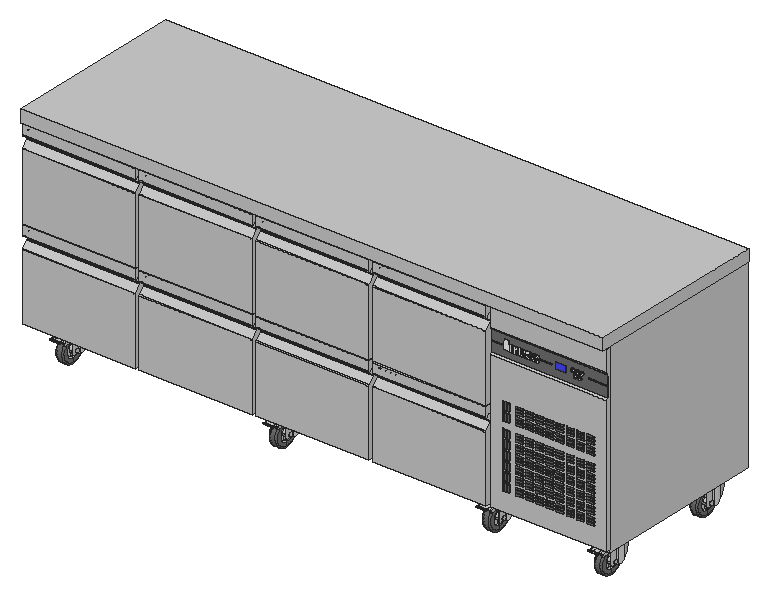
Revit family "QF_INOMAK_PNRP9999_250513010757", category Specialty Equipment, Revit 2021 (continued)
Definition of nested family "QF_INOMAK_REF_COUNTERS_DOORS_DRAWERS_35390"
  Definition of nested family "4_Drawers_1-4"
    Automatic sketch dimensions
      curve 23 to plane 5 "Front" = 0 mm
      curve 24 to plane 5 "Front" = 0 mm
      curve 21 to plane 5 "Front" = 105 mm
      curve 20 to curve 21 = 40 mm
      curve 3 to curve 20 = 100 mm
      curve 3 to curve 3 = 40 mm
      curve 10 to curve 1 = 100 mm
      curve 9 to curve 9 = 40 mm
      curve 15 to curve 8 = 100 mm
      curve 15 to curve 15 = 40 mm
      plane 11 "Right panel" to curve 24 = 30 mm
      curve 8 to curve 17 = 30 mm
      curve 11 to curve 17 = 0 mm
      curve 23 to plane 10 "Left panel" = 30 mm
      curve 12 to curve 6 = 0 mm
      curve 18 to curve 12 = 0 mm
      Extrusion 4 sketch curve to Extrusion 4 sketch curve = 0 mm  (x2)
      plane 19 to Extrusion 4 sketch curve = 0 mm
      Extrusion 4 sketch curve to plane 7 "Front legs" = 0 mm  (x2)
      plane 7 "Front legs" to Extrusion 4 sketch curve = 3 mm
      plane 7 "Front legs" to Extrusion 4 sketch curve = 3.461 mm
      plane 7 "Front legs" to Extrusion 4 sketch curve = 10 mm
      Extrusion 4 sketch curve to Extrusion 4 sketch curve = 7 mm
      plane 7 "Front legs" to Extrusion 4 sketch curve = 20 mm  (x2)
      Extrusion 4 sketch curve to Extrusion 4 sketch curve = 46.156 mm
      Extrusion 4 sketch curve to Extrusion 4 sketch curve = 15 mm
      Extrusion 4 sketch curve to Extrusion 4 sketch curve = 5.012 mm
      Extrusion 7 sketch curve to plane 10 "Left panel" = 0 mm
      Extrusion 7 sketch curve to plane 11 "Right panel" = 0 mm
      Extrusion 7 sketch curve to plane 7 "Front legs" = 0 mm
      Extrusion 7 sketch curve to plane 5 "Front" = 565 mm
      Extrusion 8 sketch curve to plane 10 "Left panel" = 0 mm
      Extrusion 8 sketch curve to plane 11 "Right panel" = 0 mm
      Extrusion 8 sketch curve to plane 7 "Front legs" = 0 mm
      Extrusion 8 sketch curve to plane 5 "Front" = 565 mm
      curve 6 to plane 10 "Left panel" = 30 mm
      curve 5 to curve 24 = 0 mm
  Definition of nested family "Hinged_Doors"
    Parameters (values of type "Hinged doors")
      URL = "www.specifiglobal.com"
      Top inset [instance] = 4 mm
      Right panel thickness [instance] = 35 mm
      Rear inset [instance] = 10 mm
      Plinth height [instance] = 150 mm
      Model = ""
      Manufacturer = "DEMO CONSULTANT"
      Length Actual [instance] = 1200 mm
      Left panel thickness [instance] = 35 mm
      Hinged doors [instance] = Doors drawers type = 3  # yes
      Height Actual [instance] = 900 mm
      Front inset [instance] = 10 mm
      Finish [instance] = none
      Doors drawers type [instance] = 3
      Description = ""
      Depth Actual [instance] = 700 mm
      Default Elevation = 0 mm
      Bottom inset [instance] = 4 mm
      Assembly Code = "E1090320"
    Reference planes
      plane 1 "Back": y = 0
      plane 2: z = 0
      plane 3 "Left": x = 0
      plane 4 "Right": x = 1200
      plane 5 "Front": y = -700
      plane 6 "Top": z = 1050
      plane 7 "Front legs": y = -690
      plane 8 "Legs top": z = 150
      plane 9 "Backsplash thickness": y = -10
      plane 10: x = 35
      plane 11: x = 1165
      plane 12 "Center Left-Right": x = 600
      plane 13: x = 597.5
      plane 14: x = 602.5
      plane 15: z = 154
      plane 16: z = 1046
    Forms (mm)
      Extrusion 1, solid, material <- "Finish", visible <- "Hinged doors"
        sketch origin (35, -2307.849, 4000) x (0, -1, 0) y (0, 0, 1)
          loop
            line (-1627.849, -2954) -> (-1637.849, -2954) -> (-1637.849, -3846) -> (-1617.849, -3846) -> (-1617.849, -3010.156)
            arc (-1617.849, -3010.156) -> (-1618.734, -3004.272) -> (-1621.31, -2998.91) r 20
            line (-1621.31, -2998.91) -> (-1634.849, -2979) -> (-1634.849, -2957) -> (-1627.849, -2957)
            arc (-1627.849, -2957) -> (-1622.899, -2959.05) -> (-1620.849, -2964) r 7
            line (-1620.849, -2964) -> (-1620.849, -2969.012) -> (-1617.849, -2969.012) -> (-1617.849, -2964)
            arc (-1617.849, -2964) -> (-1620.778, -2956.929) -> (-1627.849, -2954) r 10
        from 0 to -562.5
      Extrusion 2, solid, visible <- "Hinged doors", detail levels coarse
        sketch origin (0, -700, 154) x (-1, 0, 0) y (0, 1, 0)
          loop
            line (-35, 10) -> (-597.5, 10)
            arc (-597.5, 10) -> (-432.748, -387.748) -> (-35, -552.5) r 562.5
            line (-35, -552.5) -> (-35, 10)
        from 0 to -892
      Extrusion 3, solid, material <- "Finish", visible <- "Hinged doors"
        sketch origin (1165, -2312.576, 4000) x (0, -1, 0) y (0, 0, 1)
          loop
            line (-1632.576, -2954) -> (-1642.576, -2954) -> (-1642.576, -3846) -> (-1622.576, -3846) -> (-1622.576, -3010.156)
            arc (-1622.576, -3010.156) -> (-1623.46, -3004.272) -> (-1626.037, -2998.91) r 20
            line (-1626.037, -2998.91) -> (-1639.576, -2979) -> (-1639.576, -2957) -> (-1632.576, -2957)
            arc (-1632.576, -2957) -> (-1627.626, -2959.05) -> (-1625.576, -2964) r 7
            line (-1625.576, -2964) -> (-1625.576, -2969.012) -> (-1622.576, -2969.012) -> (-1622.576, -2964)
            arc (-1622.576, -2964) -> (-1625.504, -2956.929) -> (-1632.576, -2954) r 10
        from 0 to 562.5
      Extrusion 4, solid, visible <- "Hinged doors", detail levels coarse
        sketch origin (0, -700, 154) x (-1, 0, 0) y (0, 1, 0)
          loop
            line (-1165, 10) -> (-1165, -552.5)
            arc (-1165, -552.5) -> (-767.252, -387.748) -> (-602.5, 10) r 562.5
            line (-602.5, 10) -> (-1165, 10)
        from 0 to -892
    Lines and regions (mm)
      symbolic lines, visible <- "Hinged doors"
        curve 1: line (35, -700, 150) -> (35, -1252.5, 150)
        curve 2: arc (35, -1252.5, 150) -> (429.196, -1091.268, 150) -> (597.411, -700, 150) r 562.5
        curve 3: arc (602.589, -700, 150) -> (770.804, -1091.268, 150) -> (1165, -1252.5, 150) r 562.5
        curve 4: line (1165, -1252.5, 150) -> (1165, -700, 150)
    Dimensions and locks
      "Length Actual": plane 3 "Left" to plane 4 "Right"
      "Depth Actual": plane 5 "Front" to plane 1 "Back"
      "Height Actual": plane 6 "Top" to plane 8 "Legs top"
      "Front inset": plane 7 "Front legs" to plane 5 "Front"
      "Plinth height": plane 8 "Legs top" to plane 2
      "Rear inset": plane 9 "Backsplash thickness" to plane 1 "Back"
      "Right panel thickness": plane 11 to plane 4 "Right"
      "Left panel thickness": plane 3 "Left" to plane 10
      equal spacing: plane 10, plane 12 "Center Left-Right", plane 11
      plane 13 to plane 12 "Center Left-Right" = 2.5 mm
      plane 12 "Center Left-Right" to plane 14 = 2.5 mm
      "Bottom inset": plane 15 to plane 8 "Legs top"
      "Top inset": plane 16 to plane 6 "Top"
      aligned and locked: level to plane 2
      aligned and locked: Extrusion 1 to plane 13
      aligned and locked: plane 10 to Extrusion 2 sketch curve
      aligned and locked: plane 13 to Extrusion 2 sketch curve
      aligned and locked: plane 7 "Front legs" to Extrusion 2 sketch curve  (x2)
      aligned and locked: plane 14 to Extrusion 3
      aligned and locked: Extrusion 2 to curve 1
      aligned and locked: curve 2 to Extrusion 2
      aligned and locked: curve 3 to Extrusion 4
      aligned and locked: curve 4 to Extrusion 4
      aligned and locked: plane 5 "Front" to curve 1
      aligned and locked: plane 5 "Front" to curve 2
      aligned and locked: plane 5 "Front" to curve 3
      aligned and locked: plane 5 "Front" to curve 4
      aligned and locked: Extrusion 4 to plane 16
      aligned and locked: Extrusion 2 to plane 16
      aligned and locked: Extrusion 1 sketch curve to plane 16
      aligned and locked: Extrusion 1 sketch curve to plane 15
      aligned and locked: Extrusion 3 sketch curve to plane 15
      aligned and locked: Extrusion 3 sketch curve to plane 16
    Automatic sketch dimensions
      Extrusion 1 sketch curve to Extrusion 1 sketch curve = 0 mm  (x2)
      Extrusion 1 sketch curve to plane 7 "Front legs" = 0 mm  (x2)
      plane 7 "Front legs" to Extrusion 1 sketch curve = 3 mm
      plane 7 "Front legs" to Extrusion 1 sketch curve = 3.461 mm
      plane 7 "Front legs" to Extrusion 1 sketch curve = 10 mm
      Extrusion 1 sketch curve to Extrusion 1 sketch curve = 7 mm
      plane 7 "Front legs" to Extrusion 1 sketch curve = 20 mm  (x2)
      Extrusion 1 sketch curve to Extrusion 1 sketch curve = 46.156 mm
      Extrusion 1 sketch curve to Extrusion 1 sketch curve = 15 mm
      Extrusion 1 sketch curve to Extrusion 1 sketch curve = 5.012 mm
      Extrusion 3 sketch curve to Extrusion 3 sketch curve = 0 mm  (x2)
      Extrusion 3 sketch curve to plane 7 "Front legs" = 0 mm  (x2)
      Extrusion 3 sketch curve to Extrusion 3 sketch curve = 3 mm
      plane 7 "Front legs" to Extrusion 3 sketch curve = 3.461 mm
      plane 7 "Front legs" to Extrusion 3 sketch curve = 10 mm
      Extrusion 3 sketch curve to Extrusion 3 sketch curve = 7 mm
      Extrusion 3 sketch curve to Extrusion 3 sketch curve = 16.539 mm
      Extrusion 3 sketch curve to Extrusion 3 sketch curve = 20 mm
      Extrusion 3 sketch curve to Extrusion 3 sketch curve = 46.156 mm
      Extrusion 3 sketch curve to Extrusion 3 sketch curve = 15 mm
      Extrusion 3 sketch curve to Extrusion 3 sketch curve = 5.012 mm
      Extrusion 4 sketch curve to plane 11 = 0 mm
      Extrusion 4 sketch curve to plane 7 "Front legs" = 0 mm
      Extrusion 4 sketch curve to plane 14 = 0 mm
  Definition of nested family "Hopper"
    Parameters (values of type "Hopper")
      URL = "www.specifiglobal.com"
      Top inset [instance] = 4 mm
      Right panel thickness [instance] = 35 mm
      Rear inset [instance] = 10 mm
      Plinth height [instance] = 150 mm
      Model = ""
      Manufacturer = "DEMO CONSULTANT"
      Length Actual [instance] = 700 mm
      Left panel thickness [instance] = 35 mm
      Hopper [instance] = Doors drawers type = 10  # yes
      Height Actual [instance] = 900 mm
      Front inset [instance] = 10 mm
      Finish [instance] = none
      Doors drawers type [instance] = 10
      Description = ""
      Depth Actual [instance] = 700 mm
      Default Elevation = 0 mm
      Bottom inset [instance] = 4 mm
      Assembly Code = "E1090320"
      2 Drawers = yes
    Reference planes
      plane 1 "Back": y = 0
      plane 2: z = 0
      plane 3 "Left": x = 0
      plane 4 "Right": x = 700
      plane 5 "Front": y = -700
      plane 6 "Top": z = 1050
      plane 7 "Front legs": y = -690
      plane 8 "Legs top": z = 150
      plane 9 "Backsplash thickness": y = -10
      plane 10 "Left panel": x = 35
      plane 11 "Right panel": x = 665
      plane 12: z = 1046
      plane 13: z = 154
    Forms (mm)
      Extrusion 1, solid, material <- "Finish", visible <- "Hopper"
        sketch origin (35, 0, 0) x (0, -1, 0) y (0, 0, 1)
          loop
            line (690, 154) -> (690, 960.365)
            arc (690, 960.365) -> (689.866, 961.037) -> (689.485, 961.607) r 1.757
            line (689.485, 961.607) -> (666.663, 984.429)
            arc (666.663, 984.429) -> (665.976, 985.458) -> (665.734, 986.672) r 3.172
            line (665.734, 986.672) -> (665.734, 1013.576)
            arc (665.734, 1013.576) -> (666.433, 1015.262) -> (668.119, 1015.961) r 2.385
            line (668.119, 1015.961) -> (680.029, 1015.961) -> (686.544, 1006.657)
            arc (686.544, 1006.657) -> (688.671, 1005.935) -> (690, 1007.747) r 1.9
            line (690, 1007.747) -> (690, 1046) -> (648, 1046) -> (648, 154) -> (690, 154)
        from 0 to -630
      Extrusion 2, solid, visible <- "Hopper", detail levels coarse
        sketch origin (35, 0, 0) x (0, -1, 0) y (0, 0, 1)
          loop
            line (690, 154) -> (1265, 154) -> (1265, 1046) -> (690, 1046) -> (690, 154)
        from 0 to -630
    Lines and regions (mm)
      symbolic lines, visible <- "Hopper"
        curve 1: line (35, -1225, 900) -> (35, -1265, 900)
        curve 2: line (35, -1265, 900) -> (665, -1265, 900)
        curve 3: line (665, -1265, 900) -> (665, -1225, 900)
        curve 4: line (665, -1225, 900) -> (35, -1225, 900)
        curve 5: line (635, -1225, 900) -> (635, -700, 900)
        curve 6: line (65, -1225, 900) -> (65, -700, 900)
    Dimensions and locks
      "Length Actual": plane 3 "Left" to plane 4 "Right"
      "Depth Actual": plane 5 "Front" to plane 1 "Back"
      "Height Actual": plane 6 "Top" to plane 8 "Legs top"
      "Front inset": plane 7 "Front legs" to plane 5 "Front"
      "Plinth height": plane 8 "Legs top" to plane 2
      "Rear inset": plane 9 "Backsplash thickness" to plane 1 "Back"
      "Right panel thickness": plane 11 "Right panel" to plane 4 "Right"
      "Left panel thickness": plane 3 "Left" to plane 10 "Left panel"
      "Top inset": plane 12 to plane 6 "Top"
      "Bottom inset": plane 13 to plane 8 "Legs top"
      aligned and locked: level to plane 2
      aligned and locked: Extrusion 1 to plane 11 "Right panel"
      aligned and locked: Extrusion 2 to plane 11 "Right panel"
      aligned and locked: plane 10 "Left panel" to Extrusion 2
      aligned and locked: Extrusion 1 sketch curve to plane 12
      aligned and locked: Extrusion 1 sketch curve to Extrusion 2
      aligned and locked: Extrusion 1 sketch curve to plane 13
    Automatic sketch dimensions
      Extrusion 1 sketch curve to Extrusion 1 sketch curve = 17.734 mm
      Extrusion 1 sketch curve to Extrusion 1 sketch curve = 0.929 mm
      Extrusion 1 sketch curve to Extrusion 1 sketch curve = 2.385 mm
      Extrusion 1 sketch curve to Extrusion 1 sketch curve = 3.172 mm
      Extrusion 1 sketch curve to Extrusion 1 sketch curve = 11.91 mm
      Extrusion 1 sketch curve to Extrusion 1 sketch curve = 6.515 mm
      Extrusion 1 sketch curve to Extrusion 1 sketch curve = 1.556 mm
      Extrusion 1 sketch curve to Extrusion 1 sketch curve = 21.58 mm
      Extrusion 1 sketch curve to Extrusion 1 sketch curve = 1.242 mm
      Extrusion 1 sketch curve to Extrusion 1 sketch curve = 1.9 mm
      Extrusion 1 sketch curve to Extrusion 1 sketch curve = 0.515 mm
      Extrusion 1 sketch curve to Extrusion 1 sketch curve = 22.822 mm
      Extrusion 1 sketch curve to Extrusion 1 sketch curve = 19.985 mm
      Extrusion 1 sketch curve to Extrusion 1 sketch curve = 6.919 mm
      Extrusion 1 sketch curve to Extrusion 1 sketch curve = 30.039 mm
      Extrusion 2 sketch curve to plane 7 "Front legs" = 0 mm
      plane 13 to Extrusion 2 sketch curve = 0 mm
      plane 12 to Extrusion 2 sketch curve = 0 mm
      Extrusion 2 sketch curve to plane 5 "Front" = 565 mm
      curve 1 to plane 10 "Left panel" = 0 mm
      curve 2 to plane 11 "Right panel" = 0 mm
      curve 6 to plane 5 "Front" = 0 mm
      curve 5 to plane 5 "Front" = 0 mm
      curve 4 to plane 5 "Front" = 525 mm
      curve 3 to curve 3 = 40 mm
      plane 11 "Right panel" to curve 5 = 30 mm
      curve 6 to plane 10 "Left panel" = 30 mm
Definition of nested family "QF_INOMAK_REF_COUNTERS_WORKTOPS_44861"
  Parameters (values of type "WTWA-1545-700")
    Worktop without backsplash [instance] = Worktop type = 3  # no
    Worktop with backsplash [instance] = Worktop type = 2  # yes
    Worktop type [instance] = 2
    Worktop thickness [instance] = 46 mm
    Without worktop [instance] = or(Worktop type > 3, Worktop type < 2)  # no
    Weight [instance] = 0.00 kg
    Warranty Start Date [instance] = ""
    Warranty Duration [instance] = ""
    URL Cutsheet [instance] = ""
    URL = "www.inomak.com"
    Technical Documentation [instance] = ""
    Tag Number [instance] = ""
    Status [instance] = ""
    Specification by User [instance] = ""
    Specification by Manufacturer [instance] = ""
    Sound Level [instance] = ""
    Solid Fuel Type [instance] = ""
    Show Logo [instance] = yes
    Show Clearances [instance] = yes
    Service Life Duration [instance] = ""
    Serial Number [instance] = ""
    Seismic Rating [instance] = ""
    SMACNA No [instance] = ""
    Revision Code [instance] = ""
    Revision [instance] = ""
    Production Year [instance] = ""
    Point Load [instance] = 0
    Other Equipment Approvals [instance] = ""
    NAFEM Spec ID Number [instance] = ""
    Model Warning [instance] = ""
    Model = "WTWA"
    Masterspec [instance] = ""
    Manufacturer = "INOMAK"
    Length Actual [instance] = 1546 mm
    Item Number [instance] = ""
    Installed By [instance] = ""
    Installation Date [instance] = ""
    Identify Quantity as Lot [instance] = yes
    ID [instance] = ""
    Hygiene Approval [instance] = ""
    Height Actual [instance] = 0 mm
    Height AFF [instance] = 0 mm
    Furnished By [instance] = ""
    Foodservice Equipment Identifier [instance] = yes
    Finish [instance] = none
    ETL Approved [instance] = yes
    Description = "WORKTOP WITH UPSTAND"
    Depth Actual [instance] = 700 mm
    Default Elevation = 0 mm
    CSI MasterFormat [instance] = ""
    CE Approved [instance] = yes
    Barcode [instance] = ""
    Backsplash thickness [instance] = 20 mm
    Backsplash height [instance] = 60 mm
    Author [instance] = ""
    Asset Identifier [instance] = ""
    Assembly Code = "E1090320"
    Accessory [instance] = yes
  Types (40, lengths in mm): name | Worktop without backsplash | Worktop with backsplash | Worktop type | Worktop thickness | Without worktop | Model | Length Actual | Description | Depth Actual
    WTWT-2240-700 | yes | no | 3 | 46 | no | "WTWT" | 2242 | "STANDARD WORKTOP" | 700
    WTWA-2240-700 | no | yes | 2 | 46 | no | "WTWA" | 2242 | "WORKTOP WITH UPSTAND" | 700
    WOWT-2240-700 | no | no | 1 | 46 | yes | "WOWT" | 2242 | "WITHOUT WORKTOP" | 700
    WTWA-1790-700 | no | yes | 2 | 46 | no | "WTWA" | 1792 | "WORKTOP WITH UPSTAND" | 700
    WTWA-1345-700 | no | yes | 2 | 46 | no | "WTWA" | 1342 | "WORKTOP WITH UPSTAND" | 700
    WOWT-1790-700 | no | no | 1 | 46 | yes | "WOWT" | 1792 | "WITHOUT WORKTOP" | 700
    WOWT-1345-700 | no | no | 1 | 46 | yes | "WOWT" | 1342 | "WITHOUT WORKTOP" | 700
    WTWT-1790-700 | yes | no | 3 | 46 | no | "WTWT" | 1792 | "STANDARD WORKTOP" | 700
    WTWT-1345-700 | yes | no | 3 | 46 | no | "WTWT" | 1342 | "STANDARD WORKTOP" | 700
    WTWA-1080-700 | no | yes | 2 | 46 | no | "WTWA" | 1080 | "WORKTOP WITH UPSTAND" | 700
    WTWT-1080-700 | yes | no | 3 | 46 | no | "WTWT" | 1080 | "STANDARD WORKTOP" | 700
    WTWA-1080-700-80 | no | yes | 2 | 80 | no | "WTWA-80" | 1080 | "WORKTOP WITH UPSTAND, 80CM DEEP WORKTOP" | 700
    WTWT-1080-700-80 | yes | no | 3 | 80 | no | "WTWT-80" | 1080 | "WORKTOP WITH 80CM DEEP" | 700
    WOWT-1345-600 | no | no | 1 | 46 | yes | "WOWT" | 1342 | "WITHOUT WORKTOP" | 600
    WOWT-1790-600 | no | no | 1 | 46 | yes | "WOWT" | 1792 | "WITHOUT WORKTOP" | 600
    WOWT-2240-600 | no | no | 1 | 46 | yes | "WOWT" | 2242 | "WITHOUT WORKTOP" | 600
    WTWA-1345-600 | no | yes | 2 | 46 | no | "WTWA" | 1342 | "WORKTOP WITH UPSTAND" | 600
    WTWA-1790-600 | no | yes | 2 | 46 | no | "WTWA" | 1792 | "WORKTOP WITH UPSTAND" | 600
    WTWA-2240-600 | no | yes | 2 | 46 | no | "WTWA" | 2242 | "WORKTOP WITH UPSTAND" | 600
    WTWT-1345-600 | yes | no | 3 | 46 | no | "WTWT" | 1342 | "STANDARD WORKTOP" | 600
    WTWT-1790-600 | yes | no | 3 | 46 | no | "WTWT" | 1792 | "STANDARD WORKTOP" | 600
    WTWT-2240-600 | yes | no | 3 | 46 | no | "WTWT" | 2242 | "STANDARD WORKTOP" | 600
    WOWT-1105-700 | no | no | 1 | 46 | yes | "WOWT" | 1103 | "WITHOUT WORKTOP" | 700
    WTWA-1105-700 | no | yes | 2 | 46 | no | "WTWA" | 1103 | "WORKTOP WITH UPSTAND" | 700
    WTWT-1105-700 | yes | no | 3 | 46 | no | "WTWT" | 1103 | "STANDARD WORKTOP" | 700
    WOWT-1545-700 | no | no | 1 | 46 | yes | "WOWT" | 1546 | "WITHOUT WORKTOP" | 700
    WOWT-1995-700 | no | no | 1 | 46 | yes | "WOWT" | 1996 | "WITHOUT WORKTOP" | 700
    WTWA-1545-700 | no | yes | 2 | 46 | no | "WTWA" | 1546 | "WORKTOP WITH UPSTAND" | 700
    WTWA-1995-700 | no | yes | 2 | 46 | no | "WTWA" | 1996 | "WORKTOP WITH UPSTAND" | 700
    WTWT-1545-700 | yes | no | 3 | 46 | no | "WTWT" | 1546 | "STANDARD WORKTOP" | 700
    WTWT-1995-700 | yes | no | 3 | 46 | no | "WTWT" | 1996 | "STANDARD WORKTOP" | 700
    WTWA-1105-600 | no | yes | 2 | 46 | no | "WTWA" | 1103 | "WORKTOP WITH UPSTAND" | 600
    WTWT-1105-600 | yes | no | 3 | 46 | no | "WTWT" | 1103 | "STANDARD WORKTOP" | 600
    WOWT-1105-600 | no | no | 1 | 46 | yes | "WOWT" | 1103 | "WITHOUT WORKTOP" | 600
    WOWT-1545-600 | no | no | 1 | 46 | yes | "WOWT" | 1546 | "WITHOUT WORKTOP" | 600
    WTWA-1545-600 | no | yes | 2 | 46 | no | "WTWA" | 1546 | "WORKTOP WITH UPSTAND" | 600
    WTWT-1545-600 | yes | no | 3 | 46 | no | "WTWT" | 1546 | "STANDARD WORKTOP" | 600
    WTWT-1995-600 | yes | no | 3 | 46 | no | "WTWT" | 1996 | "STANDARD WORKTOP" | 600
    WTWA-1995-600 | no | yes | 2 | 46 | no | "WTWA" | 1996 | "WORKTOP WITH UPSTAND" | 600
    WOWT-1995-600 | no | no | 1 | 46 | yes | "WOWT" | 1996 | "WITHOUT WORKTOP" | 600
  Reference planes
    plane 1 "Back": y = 0
    plane 2: z = 0
    plane 3 "Left": x = 0
    plane 4 "Right": x = 1546
    plane 5 "Front": y = -700
    plane 6 "Top": z = 46
    plane 7 "Backsplash thickness": y = -20
    plane 8 "Worktop bottom": z = 0
    plane 9 "Upright height": z = 106
    plane 10 "Center Left Right": x = 773
  Lines and regions (mm)
    reference lines
      curve 1: line (773, 0, 106) -> (773, -20, 106)
      curve 2: line (0, -700, 46) -> (1546, -700, 46)
      curve 3: line (1546, -700, 46) -> (1546, 0, 46)
      curve 4: line (0, -700, 46) -> (0, 0, 46)
      curve 5: line (0, 0, 46) -> (1546, 0, 46)
      curve 6: line (773, 0, 0) -> (773, -700, 0)
  Dimensions and locks
    "Length Actual": plane 3 "Left" to plane 4 "Right"
    "Depth Actual": plane 5 "Front" to plane 1 "Back"
    "Backsplash thickness": plane 7 "Backsplash thickness" to plane 1 "Back"
    "Worktop thickness": plane 6 "Top" to plane 8 "Worktop bottom"
    "Backsplash height": plane 9 "Upright height" to plane 6 "Top"
    "Backsplash height": curve 1 to plane 6 "Top"
    "Depth Actual": curve 2 to plane 1 "Back"
    "Length Actual": plane 3 "Left" to curve 3
    "Length Actual": curve 4 to plane 4 "Right"
    "Depth Actual": curve 5 to plane 5 "Front"
    equal spacing: plane 3 "Left", plane 10 "Center Left Right", plane 4 "Right"
    "Height AFF": plane 8 "Worktop bottom" to plane 2
    "Height AFF": curve 6 to plane 2
    aligned and locked: level to plane 2
    aligned and locked: plane 3 "Left" to nested 1
    aligned and locked: plane 1 "Back" to nested 1
  Automatic sketch dimensions
    curve 6 to plane 1 "Back" = 0 mm
    curve 1 to plane 1 "Back" = 0 mm
    curve 1 to plane 7 "Backsplash thickness" = 0 mm
    curve 6 to plane 5 "Front" = 0 mm
  Nested families
    nested 1: "Worktop" at (0, 0, 0), Length Actual <- "Length Actual", Depth Actual <- "Depth Actual", Height AFF <- "Height AFF", Worktop thickness <- "Worktop thickness", Backsplash thickness <- "Backsplash thickness", Backsplash height <- "Backsplash height", type "without backsplash"
      with Worktop thickness 46 mm, Length Actual 1546 mm, Height AFF 0 mm, Depth Actual 700 mm, Backsplash thickness 20 mm, Backsplash height 60 mm, Worktop without backsplash no, Worktop with backsplash yes
  Definition of nested family "Worktop"
    Parameters (values of type "with backsplash")
      Worktop without backsplash = no
      Worktop with backsplash = yes
      Worktop thickness [instance] = 40 mm
      Without worktop = no
      URL = ""
      Model = ""
      Manufacturer = ""
      Length Actual [instance] = 1200 mm
      Height AFF [instance] = 860 mm
      Finish = none
      Description = "TABLE WITH BACKSPLASH"
      Depth Actual [instance] = 700 mm
      Default Elevation = 0 mm
      Backsplash thickness [instance] = 20 mm
      Backsplash height [instance] = 100 mm
      Assembly Code = "E1090320"
    Types (3, lengths in mm): name | Worktop without backsplash | Worktop with backsplash | Without worktop
      with backsplash | no | yes | no
      without backsplash | yes | no | no
      without worktop | no | no | yes
    Reference planes
      plane 1 "Back": y = 0
      plane 2: z = 0
      plane 3 "Left": x = 0
      plane 4 "Right": x = 1200
      plane 5 "Front": y = -700
      plane 6 "Top": z = 900
      plane 7 "Backsplash thickness": y = -20
      plane 8 "Worktop bottom": z = 860
      plane 9 "Upright height": z = 1000
      plane 10 "Center Left Right": x = 600
    Forms (mm)
      Extrusion 1, solid, material <- "Finish", visible <- "Worktop with backsplash"
        sketch origin (0, 0, 0) x (0, 1, 0) y (0, 0, 1)
          loop
            line (0, 1000) -> (-20, 1000) -> (-20, 900) -> (-700, 900) -> (-700, 860) -> (0, 860) -> (0, 1000)
        from 0 to 1200
      Extrusion 2, solid, material <- "Finish", visible <- "Worktop without backsplash"
        sketch origin (0, 0, 0) x (0, 1, 0) y (0, 0, 1)
          loop
            line (0, 860) -> (0, 900) -> (-700, 900) -> (-700, 860) -> (0, 860)
        from 0 to 1200
    Lines and regions (mm)
      Masking region 1, visible <- "Worktop with backsplash"
        outline origin (0, 0, 900) x (0, 1, 0) y (-1, 0, 0)
          loop
            line (0, 0) -> (-700, 0) -> (-700, -1200) -> (0, -1200) -> (0, 0)
      Masking region 2, visible <- "Worktop without backsplash"
        outline origin (0, 0, 900) x (0, 1, 0) y (-1, 0, 0)
          loop
            line (0, 0) -> (-700, 0) -> (-700, -1200) -> (0, -1200) -> (0, 0)
      symbolic lines, visible <- "Worktop with backsplash"
        curve 1: line (0, 0, 0) -> (1200, 0, 0)
        curve 2: line (1200, 0, 0) -> (1200, -700, 0)
        curve 3: line (1200, -700, 0) -> (0, -700, 0)
        curve 4: line (0, -700, 0) -> (0, 0, 0)
        curve 5: line (0, -20, 0) -> (1200, -20, 0)
      symbolic lines, visible <- "Worktop without backsplash"
        curve 6: line (0, 0, 0) -> (1200, 0, 0)
        curve 7: line (1200, 0, 0) -> (1200, -700, 0)
        curve 8: line (1200, -700, 0) -> (0, -700, 0)
        curve 9: line (0, -700, 0) -> (0, 0, 0)
      symbolic lines, visible <- "Without worktop"
        curve 10: line (0, 0, 0) -> (1200, 0, 0)
        curve 11: line (1200, 0, 0) -> (1200, -700, 0)
        curve 12: line (1200, -700, 0) -> (0, -700, 0)
        curve 13: line (0, -700, 0) -> (0, 0, 0)
      reference lines
        curve 14: line (600, 0, 1000) -> (600, -20, 1000)
        curve 15: line (0, -700, 900) -> (1200, -700, 900)
        curve 16: line (1200, -700, 900) -> (1200, 0, 900)
        curve 17: line (0, -700, 900) -> (0, 0, 900)
        curve 18: line (0, 0, 900) -> (1200, 0, 900)
        curve 19: line (600, 0, 860) -> (600, -700, 860)
    Dimensions and locks
      "Length Actual": plane 3 "Left" to plane 4 "Right"
      "Depth Actual": plane 5 "Front" to plane 1 "Back"
      "Backsplash thickness": plane 7 "Backsplash thickness" to plane 1 "Back"
      "Worktop thickness": plane 6 "Top" to plane 8 "Worktop bottom"
      "Backsplash height": plane 9 "Upright height" to plane 6 "Top"
      "Backsplash height": curve 14 to plane 6 "Top"
      "Depth Actual": curve 15 to plane 1 "Back"
      "Length Actual": plane 3 "Left" to curve 16
      "Length Actual": curve 17 to plane 4 "Right"
      "Depth Actual": curve 18 to plane 5 "Front"
      equal spacing: plane 3 "Left", plane 10 "Center Left Right", plane 4 "Right"
      "Height AFF": plane 8 "Worktop bottom" to plane 2
      "Height AFF": curve 19 to plane 2
      aligned and locked: level to plane 2
      aligned and locked: Extrusion 1 to plane 4 "Right"
      aligned and locked: Extrusion 1 sketch curve to plane 7 "Backsplash thickness"
      aligned and locked: curve 5 to plane 7 "Backsplash thickness"
      aligned and locked: Extrusion 1 sketch curve to plane 8 "Worktop bottom"
      aligned and locked: plane 9 "Upright height" to Extrusion 1 sketch curve
      aligned and locked: plane 6 "Top" to Extrusion 1 sketch curve
      aligned and locked: plane 6 "Top" to Extrusion 2 sketch curve
      aligned and locked: Extrusion 2 sketch curve to plane 1 "Back"
      aligned and locked: Extrusion 2 sketch curve to plane 8 "Worktop bottom"
      aligned and locked: Extrusion 2 sketch curve to plane 5 "Front"
      aligned and locked: Extrusion 2 to plane 4 "Right"
      aligned and locked: Masking region 1 sketch curve to Extrusion 1  (x4)
      aligned and locked: Masking region 2 sketch curve to Extrusion 1  (x4)
    Automatic sketch dimensions
      plane 1 "Back" to curve 1 = 0 mm
      curve 13 to plane 3 "Left" = 0 mm
      curve 7 to plane 4 "Right" = 0 mm
      curve 13 to plane 5 "Front" = 0 mm
      Extrusion 1 sketch curve to plane 1 "Back" = 0 mm
      Extrusion 1 sketch curve to plane 5 "Front" = 0 mm
      curve 19 to plane 1 "Back" = 0 mm
      curve 14 to plane 1 "Back" = 0 mm
      curve 14 to plane 7 "Backsplash thickness" = 0 mm
      curve 19 to plane 5 "Front" = 0 mm
      curve 16 to plane 5 "Front" = 0 mm
      curve 17 to plane 5 "Front" = 0 mm
      plane 1 "Back" to curve 17 = 0 mm
      plane 1 "Back" to curve 16 = 0 mm
      curve 15 to plane 4 "Right" = 0 mm
      curve 18 to plane 4 "Right" = 0 mm
      curve 18 to plane 3 "Left" = 0 mm
      curve 15 to plane 3 "Left" = 0 mm
Definition of nested family "QF_INOMAK_REF_COUNTERS_CASTORS_46688"
  Parameters (values of type "CT-2240-600")
    Weight [instance] = 0.00 kg
    Warranty Start Date [instance] = ""
    Warranty Duration [instance] = ""
    URL Cutsheet [instance] = ""
    URL = "www.inomak.com"
    Technical Documentation [instance] = ""
    Tag Number [instance] = ""
    Status [instance] = ""
    Specification by User [instance] = ""
    Specification by Manufacturer [instance] = ""
    Sound Level [instance] = ""
    Solid Fuel Type [instance] = ""
    Show Logo [instance] = yes
    Show Clearances [instance] = yes
    Service Life Duration [instance] = ""
    Serial Number [instance] = ""
    Seismic Rating [instance] = ""
    SMACNA No [instance] = ""
    Right offset = 70 mm
    Revision Code [instance] = ""
    Revision [instance] = ""
    Rear offset = 90 mm
    Production Year [instance] = ""
    Point Load [instance] = 0
    Other Equipment Approvals [instance] = ""
    NAFEM Spec ID Number [instance] = ""
    Model Warning [instance] = ""
    Model = "CT"
    Masterspec [instance] = ""
    Manufacturer = "INOMAK"
    Length Actual [instance] = 0 mm
    Length = 2242 mm
    Left offset = 100 mm
    Item Number [instance] = ""
    Installed By [instance] = ""
    Installation Date [instance] = ""
    Identify Quantity as Lot [instance] = yes
    ID [instance] = ""
    Hygiene Approval [instance] = ""
    Height Actual [instance] = 0 mm
    Height = 130 mm
    Furnished By [instance] = ""
    Front offset = 150 mm
    Foodservice Equipment Identifier [instance] = yes
    ETL Approved [instance] = yes
    Description = "WHEELS"
    Depth Actual [instance] = 0 mm
    Depth = 600 mm
    Default Elevation = 0 mm
    CentralLegs = if(Length > 2000 mm, 2 > 1, 2 < 1)  # yes
    CSI MasterFormat [instance] = ""
    CE Approved [instance] = yes
    Barcode [instance] = ""
    Author [instance] = ""
    Asset Identifier [instance] = ""
    Assembly Code = "E1090320"
    Accessory [instance] = yes
  Types (6, lengths in mm): name | Length | Depth | CentralLegs
    CT-2240-700 | 2242 | 700 | yes
    CT-1790-700 | 1792 | 700 | no
    CT-1345-700 | 1342 | 700 | no
    CT-1345-600 | 1342 | 600 | no
    CT-1790-600 | 1792 | 600 | no
    CT-2240-600 | 2242 | 600 | yes
  Reference planes
    plane 1 "Back": y = 0
    plane 2: z = 0
    plane 3 "Left": x = 0
    plane 4 "Right": x = 2242
    plane 5 "Front": y = -600
    plane 6 "Top": z = 130
    plane 7 "Left offset": x = 100
    plane 8 "Right offset": x = 2172
    plane 9 "Rear offset": y = -90
    plane 10 "Front offset": y = -450
    plane 11 "Central": x = 921
    plane 12: x = 1742
  Dimensions and locks
    "Length": plane 3 "Left" to plane 4 "Right"
    "Depth": plane 5 "Front" to plane 1 "Back"
    "Left offset": plane 3 "Left" to plane 7 "Left offset"
    "Right offset": plane 8 "Right offset" to plane 4 "Right"
    "Rear offset": plane 9 "Rear offset" to plane 1 "Back"
    "Front offset": plane 10 "Front offset" to plane 5 "Front"
    equal spacing: plane 7 "Left offset", plane 11 "Central", plane 12
    locked: plane 12 to plane 8 "Right offset" at 430
    plane 6 "Top" to level = 130 mm
    aligned and locked: level to plane 2
    aligned and locked: nested 1 to plane 7 "Left offset"
    aligned and locked: nested 1 to plane 10 "Front offset"
    aligned and locked: nested 2 to plane 11 "Central"
    aligned and locked: nested 2 to plane 10 "Front offset"
    aligned and locked: nested 3 to plane 12
    aligned and locked: nested 3 to plane 10 "Front offset"
    aligned and locked: nested 4 to plane 8 "Right offset"
    aligned and locked: nested 4 to plane 10 "Front offset"
    aligned and locked: nested 5 to plane 7 "Left offset"
    aligned and locked: nested 5 to plane 9 "Rear offset"
    aligned and locked: nested 6 to plane 12
    aligned and locked: nested 6 to plane 9 "Rear offset"
    aligned and locked: nested 7 to plane 8 "Right offset"
    aligned and locked: nested 7 to plane 9 "Rear offset"
  Nested families
    nested 1: "QF_INOMAK_CASTOR_BRAKES" at (100, -450, 0), type "QF_INOMAK_CASTOR_BRAKES"
    nested 2: "QF_INOMAK_CASTOR_BRAKES" at (921, -450, 0), visible <- "CentralLegs", type "QF_INOMAK_CASTOR_BRAKES"
    nested 3: "QF_INOMAK_CASTOR_BRAKES" at (1742, -450, 0), type "QF_INOMAK_CASTOR_BRAKES"
    nested 4: "QF_INOMAK_CASTOR_BRAKES" at (2172, -450, 0), type "QF_INOMAK_CASTOR_BRAKES"
    nested 5: "QF_INOMAK_CASTOR" at (100, -90, 0), type "QF_INOMAK_CASTOR"
    nested 6: "QF_INOMAK_CASTOR" at (1742, -90, 0), type "QF_INOMAK_CASTOR"
    nested 7: "QF_INOMAK_CASTOR" at (2172, -90, 0), type "QF_INOMAK_CASTOR"
  Definition of nested family "QF_INOMAK_CASTOR_BRAKES"
    Parameters (values of type "QF_INOMAK_CASTOR_BRAKES")
      Default Elevation = 0 mm
    Reference planes
      plane 1 "Center (Front/Back)": y = 0
      plane 2: z = 0
      plane 3 "Center (Left/Right)": x = 0
    Forms (mm)
      Extrusion 1, solid
        sketch origin (-55, 171.5, 124.5) x (1, 0, 0) y (0, 1, 0)
          loop
            line (12.5, -214) -> (97.5, -214)
            arc (97.5, -214) -> (104.571, -211.071) -> (107.5, -204) r 10
            line (107.5, -204) -> (107.5, -139)
            arc (107.5, -139) -> (104.571, -131.929) -> (97.5, -129) r 10
            line (97.5, -129) -> (12.5, -129)
            arc (12.5, -129) -> (5.429, -131.929) -> (2.5, -139) r 10
            line (2.5, -139) -> (2.5, -204)
            arc (2.5, -204) -> (5.429, -211.071) -> (12.5, -214) r 10
        from 0 to 5.5
      Extrusion 2, solid
        sketch origin (-55, 146, 24.5) x (1, 0, 0) y (0, 1, 0)
          loop
            circle (55, -146) r 36
          loop
            circle (55, -146) r 34
        from 12 to 100
      Extrusion 3, void
        sketch origin (-37.5, 146, -28.526) x (0, 1, 0) y (0, 0, 1)
          loop
            line (-105, 63.026) -> (-105, 139.692) -> (-158.75, 68.026)
            arc (-158.75, 68.026) -> (-160.956, 66.036) -> (-163.75, 65.026) r 7.727
            line (-163.75, 65.026) -> (-175, 65.026) -> (-175, 136.026) -> (-182, 136.026) -> (-182, 63.026) -> (-105, 63.026)
        from 0 to 75
      Revolve 4, solid
        sketch origin (0, -37.5, -3.552) x (1, 0, 0) y (0, 0, 1)
          loop
            arc (10, 3.552) -> (13.536, 5.016) -> (15, 8.552) r 5
            line (15, 8.552) -> (15, 22.052) -> (-15, 22.052) -> (-15, 8.552)
            arc (-15, 8.552) -> (-13.536, 5.016) -> (-10, 3.552) r 5
            line (-10, 3.552) -> (10, 3.552)
          axis (-15, 53.552) -> (15, 53.552)
        angle from 0 to 360
      Extrusion 5, solid
        sketch origin (-21.466, 171.5, -31.526) x (0, 1, 0) y (0, 0, 1)
          loop
            line (-200.5, 68.026) -> (-200.5, 139.026) -> (-222.5, 139.026) -> (-267.507, 126.05)
            arc (-267.507, 126.05) -> (-264.51, 121.7) -> (-259.5, 120.026) r 8.333
            line (-259.5, 120.026) -> (-224.5, 120.026) -> (-224.5, 76.026)
            arc (-224.5, 76.026) -> (-222.157, 70.369) -> (-216.5, 68.026) r 8
            line (-216.5, 68.026) -> (-200.5, 68.026)
        from -3.534 to -1.534
      Extrusion 6, solid
        sketch origin (-34, 171.5, -14) x (0, 1, 0) y (0, 0, 1)
          loop
            circle (-209, 64) r 12.5
        from 11 to 57
      Revolve 7, solid
        sketch origin (-55, -37.5, -3.552) x (1, 0, 0) y (0, 0, 1)
          loop
            arc (65, 22.052) -> (61.464, 23.516) -> (60, 27.052) r 5
            line (60, 27.052) -> (60, 53.526) -> (50, 53.526) -> (50, 27.052)
            arc (50, 27.052) -> (48.536, 23.516) -> (45, 22.052) r 5
            line (45, 22.052) -> (65, 22.052)
          axis (45, 53.526) -> (65, 53.526)
        angle from 0 to 360
      Extrusion 8, solid
        sketch origin (21.466, 171.5, -31.526) x (0, 1, 0) y (0, 0, -1)
          loop
            line (-200.5, -68.026) -> (-216.5, -68.026)
            arc (-216.5, -68.026) -> (-222.157, -70.369) -> (-224.5, -76.026) r 8
            line (-224.5, -76.026) -> (-224.5, -120.026) -> (-259.5, -120.026)
            arc (-259.5, -120.026) -> (-264.51, -121.7) -> (-267.507, -126.05) r 8.333
            line (-267.507, -126.05) -> (-222.5, -139.026) -> (-200.5, -139.026) -> (-200.5, -68.026)
        from -3.534 to -1.534
      Extrusion 9, solid
        sketch origin (250, -359.196, -27.974) x (1, 0, 0) y (0, 1, 0)
          loop
            line (-275, 330.196) -> (-273, 330.196)
            arc (-273, 330.196) -> (-273.274, 332.754) -> (-274.083, 335.196) r 12.082
            line (-274.083, 335.196) -> (-276.833, 335.196)
            arc (-276.833, 335.196) -> (-275.473, 332.858) -> (-275, 330.196) r 7.737
        from 64.474 to 135.474
      Extrusion 10, solid
        sketch origin (-250, -359.196, -27.974) x (-1, 0, 0) y (0, -1, 0)
          loop
            arc (-275, -330.196) -> (-275.473, -332.858) -> (-276.833, -335.196) r 7.737
            line (-276.833, -335.196) -> (-274.083, -335.196)
            arc (-274.083, -335.196) -> (-273.274, -332.754) -> (-273, -330.196) r 12.082
            line (-273, -330.196) -> (-275, -330.196)
        from 64.474 to 135.474
      Sweep 11, solid
        path origin (0, -359.196, -27.974) x (0, 1, 0) y (0, 0, 1)
          loop
            line (338.196, 135.474) -> (308.196, 135.474) -> (263.189, 122.499)
        profile origin (0, -36, 107.5) x (0, 0, -1) y (1, 0, 0)
          loop
            arc (-4, -21) -> (-2.828, -23.828) -> (0, -25) r 4
            line (0, -25) -> (0, -23)
            arc (0, -23) -> (-1.414, -22.414) -> (-2, -21) r 2
            line (-2, -21) -> (-2, 21)
            arc (-2, 21) -> (-1.414, 22.414) -> (0, 23) r 2
            line (0, 23) -> (0, 25)
            arc (0, 25) -> (-2.828, 23.828) -> (-4, 21) r 4
            line (-4, 21) -> (-4, -21)
      Extrusion 12, solid
        sketch origin (-15, -620.032, 471.611) x (1, 0, 0) y (0, 0.809942, -0.58651)
          loop
            line (0, 640.696) -> (0, 622.696) -> (6, 617.696) -> (24, 617.696) -> (30, 622.696) -> (30, 640.696) -> (0, 640.696)
        from 0 to 2
      Extrusion 13, solid
        sketch origin (-10, -688.801, 95.837) x (0, 1, 0) y (0, 0, 1)
          loop
            line (587.696, 0) -> (592.196, -3.259)
            arc (592.196, -3.259) -> (593.446, -3.664) -> (594.696, -3.259) r 2.131
            line (594.696, -3.259) -> (604.172, 4.031) -> (598.943, 2.532) -> (594.631, -0.785)
            arc (594.631, -0.785) -> (593.44, -1.2) -> (592.238, -0.82) r 2
            line (592.238, -0.82) -> (588.869, 1.62) -> (587.696, 0)
        from 0 to 20
      Extrusion 14, solid
        sketch origin (-31, -958.08, 50) x (0, 1, 0) y (0, 0, 1)
          loop
            line (924.33, -6.495) -> (928.08, 0) -> (924.33, 6.495) -> (916.83, 6.495) -> (913.08, 0) -> (916.83, -6.495) -> (924.33, -6.495)
        from 0 to 62
    Cuts and joins
      Extrusion 3 cuts Extrusion 2
      Extrusion 3 cuts Extrusion 9
      Extrusion 3 cuts Extrusion 10
    Dimensions and locks
      aligned and locked: level to plane 2
  Definition of nested family "QF_INOMAK_CASTOR"
    Parameters (values of type "QF_INOMAK_CASTOR")
      Default Elevation = 0 mm
    Reference planes
      plane 1 "Center (Front/Back)": y = 0
      plane 2: z = 0
      plane 3 "Center (Left/Right)": x = 0
    Forms (mm)
      Extrusion 1, solid
        sketch origin (-55, 171.5, 124.5) x (1, 0, 0) y (0, 1, 0)
          loop
            line (12.5, -214) -> (97.5, -214)
            arc (97.5, -214) -> (104.571, -211.071) -> (107.5, -204) r 10
            line (107.5, -204) -> (107.5, -139)
            arc (107.5, -139) -> (104.571, -131.929) -> (97.5, -129) r 10
            line (97.5, -129) -> (12.5, -129)
            arc (12.5, -129) -> (5.429, -131.929) -> (2.5, -139) r 10
            line (2.5, -139) -> (2.5, -204)
            arc (2.5, -204) -> (5.429, -211.071) -> (12.5, -214) r 10
        from 0 to 5.5
      Extrusion 2, solid
        sketch origin (-55, 146, 24.5) x (1, 0, 0) y (0, 1, 0)
          loop
            circle (55, -146) r 36
          loop
            circle (55, -146) r 34
        from 12 to 100
      Extrusion 3, void
        sketch origin (-37.5, 146, -28.526) x (0, 1, 0) y (0, 0, 1)
          loop
            line (-105, 63.026) -> (-105, 139.692) -> (-158.75, 68.026)
            arc (-158.75, 68.026) -> (-160.956, 66.036) -> (-163.75, 65.026) r 7.727
            line (-163.75, 65.026) -> (-175, 65.026) -> (-175, 136.026) -> (-182, 136.026) -> (-182, 63.026) -> (-105, 63.026)
        from 0 to 75
      Revolve 4, solid
        sketch origin (0, -37.5, -3.552) x (1, 0, 0) y (0, 0, 1)
          loop
            arc (10, 3.552) -> (13.536, 5.016) -> (15, 8.552) r 5
            line (15, 8.552) -> (15, 22.052) -> (-15, 22.052) -> (-15, 8.552)
            arc (-15, 8.552) -> (-13.536, 5.016) -> (-10, 3.552) r 5
            line (-10, 3.552) -> (10, 3.552)
          axis (-15, 53.552) -> (15, 53.552)
        angle from 0 to 360
      Extrusion 5, solid
        sketch origin (-21.466, 171.5, -31.526) x (0, 1, 0) y (0, 0, 1)
          loop
            line (-200.5, 68.026) -> (-200.5, 139.026) -> (-224.5, 139.026) -> (-224.5, 76.026)
            arc (-224.5, 76.026) -> (-222.157, 70.369) -> (-216.5, 68.026) r 8
            line (-216.5, 68.026) -> (-200.5, 68.026)
        from -3.534 to -1.534
      Extrusion 6, solid
        sketch origin (-34, 171.5, -14) x (0, 1, 0) y (0, 0, 1)
          loop
            circle (-209, 64) r 12.5
        from 11 to 57
      Revolve 7, solid
        sketch origin (-55, -37.5, -3.552) x (1, 0, 0) y (0, 0, 1)
          loop
            arc (65, 22.052) -> (61.464, 23.516) -> (60, 27.052) r 5
            line (60, 27.052) -> (60, 53.526) -> (50, 53.526) -> (50, 27.052)
            arc (50, 27.052) -> (48.536, 23.516) -> (45, 22.052) r 5
            line (45, 22.052) -> (65, 22.052)
          axis (45, 53.526) -> (65, 53.526)
        angle from 0 to 360
      Extrusion 8, solid
        sketch origin (21.466, 171.5, -31.526) x (0, 1, 0) y (0, 0, -1)
          loop
            line (-200.5, -68.026) -> (-216.5, -68.026)
            arc (-216.5, -68.026) -> (-222.157, -70.369) -> (-224.5, -76.026) r 8
            line (-224.5, -76.026) -> (-224.5, -139.026) -> (-200.5, -139.026) -> (-200.5, -68.026)
        from -3.534 to -1.534
      Extrusion 9, solid
        sketch origin (250, -359.196, -27.974) x (1, 0, 0) y (0, 1, 0)
          loop
            line (-275, 330.196) -> (-273, 330.196)
            arc (-273, 330.196) -> (-273.274, 332.754) -> (-274.083, 335.196) r 12.082
            line (-274.083, 335.196) -> (-276.833, 335.196)
            arc (-276.833, 335.196) -> (-275.473, 332.858) -> (-275, 330.196) r 7.737
        from 64.474 to 135.474
      Extrusion 10, solid
        sketch origin (-250, -359.196, -27.974) x (-1, 0, 0) y (0, -1, 0)
          loop
            arc (-275, -330.196) -> (-275.473, -332.858) -> (-276.833, -335.196) r 7.737
            line (-276.833, -335.196) -> (-274.083, -335.196)
            arc (-274.083, -335.196) -> (-273.274, -332.754) -> (-273, -330.196) r 12.082
            line (-273, -330.196) -> (-275, -330.196)
        from 64.474 to 135.474
      Sweep 11, solid
        path origin (0, -359.196, -27.974) x (0, 1, 0) y (0, 0, 1)
          loop
            line (338.196, 135.474) -> (306.196, 135.474)
        profile origin (0, -37, 107.5) x (0, 0, -1) y (1, 0, 0)
          loop
            arc (-4, -21) -> (-2.828, -23.828) -> (0, -25) r 4
            line (0, -25) -> (0, -23)
            arc (0, -23) -> (-1.414, -22.414) -> (-2, -21) r 2
            line (-2, -21) -> (-2, 21)
            arc (-2, 21) -> (-1.414, 22.414) -> (0, 23) r 2
            line (0, 23) -> (0, 25)
            arc (0, 25) -> (-2.828, 23.828) -> (-4, 21) r 4
            line (-4, 21) -> (-4, -21)
      Extrusion 12, solid
        sketch origin (-31, -958.08, 50) x (0, 1, 0) y (0, 0, 1)
          loop
            line (924.33, -6.495) -> (928.08, 0) -> (924.33, 6.495) -> (916.83, 6.495) -> (913.08, 0) -> (916.83, -6.495) -> (924.33, -6.495)
        from 0 to 62
    Cuts and joins
      Extrusion 3 cuts Extrusion 2
      Extrusion 3 cuts Extrusion 9
      Extrusion 3 cuts Extrusion 10
    Dimensions and locks
      aligned and locked: level to plane 2
Definition of nested family "CONN_POINT_ELE_2D___Generic_Annotation"
  Parameters (values of type "CONN_POINT_ELE_2D___Generic_Annotation")
    Onboard connection annotation symbol visibility [instance] = yes
  Reference planes
    plane 1: y = 0
    plane 2: x = 0
  Lines and regions (mm)
    detail lines, visible <- "Onboard connection annotation symbol visibility"
      curve 1: circle (0, 0, 0) r 0.5 normal (0, 0, 1)
      curve 2: line (-1, 0, 0) -> (1, 0, 0)
      curve 3: line (0, 1, 0) -> (0, -1, 0)
      curve 4: line (2.5, 1, 0) -> (1.25, 1, 0)
      curve 5: line (1.25, 1, 0) -> (1.25, -1, 0)
      curve 6: line (1.25, -1, 0) -> (2.5, -1, 0)
      curve 7: line (1.25, 0, 0) -> (2, 0, 0)
